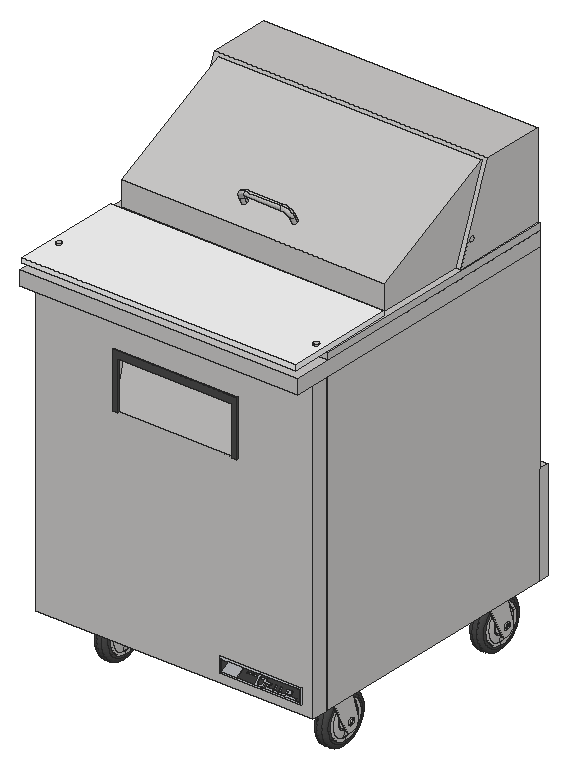
Revit family "QF_TRUE_TSSU-27-12M-C-HC", category Specialty Equipment, Revit 2016
Family settings
  Part Type = Normal
  Round Connector Dimension = Use Diameter
  Work Plane-Based = No
  Always vertical = Yes
  Cut with Voids When Loaded = No
  Shared = Yes
  Room Calculation Point = No
Parameters
  Weight in Pounds = 225
  Watts = FL Amps * Volts  # 402.5 W
  Volts = 115 V
  URL Cutsheet = "www.truemfg.com"
  URL = "www.truemfg.com"
  Type Mark [instance] = ""
  Status [instance] = ""
  Specification by User [instance] = ""
  Specification by Manufacturer = ""
  Show Logo [instance] = yes
  Show Standard Height Model [instance] = yes
  Show Clearance [instance] = yes
  Show Default Casters [instance] = not(Show Standard Height Model)  # no
  Serial Number = ""
  Seismic Rating = ""
  SMACNA No = ""
  Revision Code [instance] = ""
  Phase = 1
  Omniclass Number and Title = ""
  Number of Poles [instance] = 1
  NAFEM Spec ID Number = ""
  Model = "TSSU-27-12M-C-HC"
  Min Ckt Ampacity = 0 A
  Max Overcurrent Protection = 0 A
  MasterSpec. = ""
  Manufacturer = "TRUE"
  Standard Height Caster [instance] = and(Show Standard Height Model, not(Show Default Casters))  # yes
  Length = 27 9/16"
  Item Number [instance] = ""
  Installed By [instance] = ""
  Identify Quantity as Lot [instance] = yes
  Height = 44 7/32"
  HP = "1/5"
  Furnished By [instance] = ""
  Foodservice Equipment Identifier [instance] = yes
  FL Amps = 3.5 A
  Electrical Remarks = ""
  Electric Connection Type [instance] = ""
  Elec Conn RI Height [instance] = 0"
  Elec Conn Connection Height [instance] = 0"
  Description = "MEGA TOP SOLID DOOR SANDWICH/SALAD UNIT WITH HYDROCARBON REFRIGERANT"
  Depth = 31 1/16"
  Cycle = 60 Hz
  Conn Plug = "NEMA 5-15P"
  Conn Conduit = yes
  CSI MasterFormat = ""
  CSI Master Format = ""
  Base Height [instance] = if(Standard Height Caster, 6 3/16", 3 15/16")  # 6 3/16"
  Apparent Power = if(Phase = 3, Volts * FL Amps * 1.73, Volts * FL Amps)  # 402.5 VA
Reference planes (in)
  plane 1 "BACK": y = -16.5
  plane 2: z = 0
  plane 3 "LEFT": x = 0
  plane 4 "RIGHT": x = 27.5625
  plane 5 "FRONT": y = -47.5625
  plane 6 "TOP": z = 51.21875
  plane 7: z = 6.1875
Lines and regions (in)
  symbolic lines, style "SpecialityEquipmentHiddenLines", visible <- "Show Default Casters"
    curve 1: line (1.05276, -22.68104, 0) -> (2.13882, -23.30808, 0)
    curve 2: line (3.55276, -18.35092, 0) -> (1.05276, -22.68104, 0)
    curve 3: line (4.63882, -18.97795, 0) -> (3.55276, -18.35092, 0)
    curve 4: line (2.13882, -23.30808, 0) -> (4.63882, -18.97795, 0)
    curve 5: line (22.92776, -22.68104, 0) -> (24.01382, -23.30808, 0)
    curve 6: line (25.42776, -18.35092, 0) -> (22.92776, -22.68104, 0)
    curve 7: line (26.51382, -18.97795, 0) -> (25.42776, -18.35092, 0)
    curve 8: line (24.01382, -23.30808, 0) -> (26.51382, -18.97795, 0)
    curve 9: line (1.05276, -42.04409, 0) -> (2.13882, -42.67113, 0)
    curve 10: line (3.55276, -37.71397, 0) -> (1.05276, -42.04409, 0)
    curve 11: line (4.63882, -38.34101, 0) -> (3.55276, -37.71397, 0)
    curve 12: line (2.13882, -42.67113, 0) -> (4.63882, -38.34101, 0)
    curve 13: line (22.92776, -42.04409, 0) -> (24.01382, -42.67113, 0)
    curve 14: line (25.42776, -37.71397, 0) -> (22.92776, -42.04409, 0)
    curve 15: line (26.51382, -38.34101, 0) -> (25.42776, -37.71397, 0)
    curve 16: line (24.01382, -42.67113, 0) -> (26.51382, -38.34101, 0)
Dimensions and locks (in)
  "Length": plane 3 "LEFT" to plane 4 "RIGHT"
  plane 4 "RIGHT" to plane 3 "LEFT" = 27 9/16"
  plane 5 "FRONT" to plane 1 "BACK" = 31 1/16"
  "Depth": plane 5 "FRONT" to plane 1 "BACK"
  "Base Height": plane 7 to level
  nested 1 to level = 38 7/32"
  nested 1 to plane 7 = 40 9/32"
  nested 1 to level = 46 15/32"
  nested 1 to nested 1 to plane 4 "RIGHT" = 12 5/8", 7 5/16"
  nested 1 to plane 2 = 51 7/32"
  aligned and locked: level to plane 2
  aligned and locked: plane 3 "LEFT" to nested 1
  aligned and locked: plane 7 to nested 1
  aligned and locked: plane 5 "FRONT" to nested 1
Automatic sketch dimensions
  plane 3 "LEFT" to curve 1 = 1.05276"
  plane 3 "LEFT" to curve 10 = 1.05276"
  curve 1 to curve 1 = 1.08606"
  curve 9 to curve 9 = 1.08606"
  plane 3 "LEFT" to curve 3 = 3.55276"
  plane 3 "LEFT" to curve 10 = 3.55276"
  curve 13 to plane 4 "RIGHT" = 4.63474"
  curve 5 to plane 4 "RIGHT" = 4.63474"
  curve 13 to curve 13 = 1.08606"
  curve 5 to curve 8 = 1.08606"
  curve 7 to plane 4 "RIGHT" = 2.13474"
  curve 14 to plane 4 "RIGHT" = 2.13474"
  curve 16 to plane 5 "FRONT" = 4.89137"
  curve 12 to plane 5 "FRONT" = 4.89137"
  curve 13 to curve 13 = 0.62704"
  curve 9 to curve 10 = 0.62704"
  plane 1 "BACK" to curve 4 = 6.80808"
  plane 1 "BACK" to curve 8 = 6.80808"
  curve 5 to curve 6 = 0.62704"
  curve 1 to curve 1 = 0.62704"
Nested families (in)
  nested 1: "TSSU-27-12M-C-ADA-HC" at (0, 0, 0), Show Logo <- "Show Logo", Show Clearance <- "Show Clearance", Show Casters <- "Show Default Casters", type "TSSU-27-12M-C-ADA-HC"
    with Show Logo yes, Show Clearance yes, Show Casters no
  nested 2: "TRUE_CASTERS" at (2.88882, -20.75, 0), Show Casters <- "Standard Height Caster", type "TRUE_CASTERS"
    with Type Mark "", Status "", Specification by User "", Show Casters yes, Revision Code "", Item Number "", Installed By "", Identify Quantity as Lot yes, Furnished By "", Foodservice Equipment Identifier yes
  nested 3: "TRUE_CASTERS" at (24.76382, -20.75, 0), Show Casters <- "Standard Height Caster", type "TRUE_CASTERS"
    with Type Mark "", Status "", Specification by User "", Show Casters yes, Revision Code "", Item Number "", Installed By "", Identify Quantity as Lot yes, Furnished By "", Foodservice Equipment Identifier yes
  nested 4: "TRUE_CASTERS" at (2.88882, -40.08307, 0), Show Casters <- "Standard Height Caster", type "TRUE_CASTERS"
    with Type Mark "", Status "", Specification by User "", Show Casters yes, Revision Code "", Item Number "", Installed By "", Identify Quantity as Lot yes, Furnished By "", Foodservice Equipment Identifier yes
  nested 5: "TRUE_CASTERS" at (24.76382, -40.08307, 0), Show Casters <- "Standard Height Caster", type "TRUE_CASTERS"
    with Type Mark "", Status "", Specification by User "", Show Casters yes, Revision Code "", Item Number "", Installed By "", Identify Quantity as Lot yes, Furnished By "", Foodservice Equipment Identifier yes
Connectors (in)
  electrical at (24.12821, -16.5, 12), driven by "Volts", driven by "Apparent Power"
    settings: on nested 1, index 1, voltage 115 V, apparent load 402.5 VA, apparent load phase1 0 VA, apparent load phase2 0 VA, apparent load phase3 0 VA, power factor 1, load classification "Other", number of poles 1, system type 30, power factor state 1, is connector primary yes, connector utility no, sub classification motor no, connector description "ELECTRICAL CONNECTION"
Definition of nested family "TSSU-27-12M-C-ADA-HC"
  Parameters (values of type "TSSU-27-12M-C-ADA-HC")
    URL = ""
    Show Logo [instance] = yes
    Show Clearance [instance] = yes
    Show Casters [instance] = yes
    Model = ""
    Manufacturer = ""
    Description = ""
    Assembly Code = ""
  Reference planes (in)
    plane 1 "BACK": y = -16.5
    plane 2: z = 0
    plane 3 "LEFT": x = 0
    plane 4 "RIGHT": x = 27.5625
    plane 5 "FRONT": y = -47.5625
    plane 6 "TOP": z = 44.21875
    plane 7: z = 6.1875
    plane 8: z = 38.21875
    plane 9: z = 46.46875
    plane 10: z = 2.25
    plane 11: z = 51.21875
    plane 12: z = 35.9375
  Forms (in)
    Extrusion 1, solid
      sketch origin (0, -1, 0) x (0, 1, 0) y (0, 0, 1)
        loop
          line (-42.75, 6.1875) -> (-16.5, 6.1875) -> (-16.5, 38.03125) -> (-42.75, 38.03125) -> (-42.75, 6.1875)
      from 0 to 27.5625
    Extrusion 2, solid
      sketch origin (0, -12.63, 0) x (1, 0, 0) y (0, 0, 1)
        loop
          line (27.5625, 6.1875) -> (27.5625, 35.9375) -> (0, 35.9375) -> (0, 6.1875) -> (27.5625, 6.1875)
        loop
          line (7.75, 26.77927) -> (20.125, 26.77927) -> (20.125, 32.27927) -> (7.75, 32.27927) -> (7.75, 26.77927)
      from 31.44201 to 33
    Extrusion 3, solid
      sketch origin (0, 3.62, 0) x (0, 1, 0) y (0, 0, 1)
        loop
          line (-47.69201, 33.8406) -> (-47.69201, 6.82675) -> (-47.37, 6.82675) -> (-47.37, 33.8406) -> (-47.69201, 33.8406)
      from 0.5 to 27.0625
    Extrusion 4, solid
      sketch origin (0, -16.5, 0) x (1, 0, 0) y (0, 0, 1)
        loop
          line (7.625, 6.1875) -> (7.625, 3.875) -> (20.25, 3.875) -> (20.25, 6.1875) -> (7.625, 6.1875)
      from 1.69409 to 21.69409
    Extrusion 5, solid
      sketch origin (27.5625, -16.5, 6.1875) x (0, 0, 1) y (1, 0, 0)
        loop
          circle (5.8125, -3.43429) r 0.25
      from 0 to 0.0625
    Extrusion 6, solid, visible <- "Show Casters"
      sketch origin (26.71875, -38.80219, 3.43891) x (0, 1, 0) y (0, 0, -1)
        loop
          line (-3.9827, -2.11074) -> (-0.54355, -2.11074) -> (-0.40562, -0.59493)
          arc (-0.40562, -0.59493) -> (-0.89059, 0.21892) -> (-1.83792, 0.20773) r 0.94903
          line (-1.83792, 0.20773) -> (-3.55154, -1.50589) -> (-3.9827, -1.50589) -> (-3.9827, -2.11074)
      from 1.175 to 1.325
    Revolve 7, solid, visible <- "Show Casters"
      sketch origin (26.71875, -41.06531, 2.93891) x (-1, 0, 0) y (0, 0, -1)
        loop
          line (2, -2.61074) -> (0.60918, -2.61074) -> (0.60918, -3.24859) -> (2, -3.24859) -> (2, -2.61074)
        axis (2, -2.61074) -> (2, -3.24859)
      angle from 0 to 360
    Extrusion 8, solid, visible <- "Show Casters"
      sketch origin (74.5, -38.80219, 3.43891) x (0, 1, 0) y (0, 0, -1)
        loop
          line (-3.9827, -2.11074) -> (-0.54355, -2.11074) -> (-0.53736, -1.88288) -> (-3.6077, -1.50589) -> (-3.9827, -1.50589) -> (-3.9827, -2.11074)
      from 49.10625 to 50.45625
    Revolve 9, solid, visible <- "Show Casters"
      sketch origin (26.71875, -40.15399, 4.5) x (-1, 0, 0) y (0, 0, -1)
        loop
          line (1.475, -0.75) -> (2.525, -0.75) -> (2.62908, -0.64592) -> (2.62908, -0.04941) -> (2.46399, -0.04941) -> (2.46399, 0.57559) -> (3.025, 0.57559) -> (3.025, 0.75) -> (0.975, 0.75) -> (0.975, 0.57559) -> (1.53601, 0.57559) -> (1.53601, -0.04941) -> (1.375, -0.04941) -> (1.375, -0.65) -> (1.475, -0.75)
        axis (3.025, 0.75) -> (0.975, 0.75)
      angle from 0 to 360
    Extrusion 10, solid, visible <- "Show Casters"
      sketch origin (22.71875, -38.80219, 3.43891) x (0, 1, 0) y (0, 0, 1)
        loop
          line (-3.9827, 1.50589) -> (-3.55154, 1.50589) -> (-1.83792, -0.20773)
          arc (-1.83792, -0.20773) -> (-0.89059, -0.21892) -> (-0.40562, 0.59493) r 0.94903
          line (-0.40562, 0.59493) -> (-0.54355, 2.11074) -> (-3.9827, 2.11074) -> (-3.9827, 1.50589)
      from 1.175 to 1.325
    Revolve 11, solid, visible <- "Show Casters"
      sketch origin (26.71875, -21.74082, 2.93891) x (-1, 0, 0) y (0, 0, -1)
        loop
          line (2, -2.61074) -> (0.60918, -2.61074) -> (0.60918, -3.24859) -> (2, -3.24859) -> (2, -2.61074)
        axis (2, -2.61074) -> (2, -3.24859)
      angle from 0 to 360
    Extrusion 12, solid, visible <- "Show Casters"
      sketch origin (74.5, -19.47769, 3.43891) x (0, 1, 0) y (0, 0, -1)
        loop
          line (-3.9827, -2.11074) -> (-0.54355, -2.11074) -> (-0.53736, -1.88288) -> (-3.6077, -1.50589) -> (-3.9827, -1.50589) -> (-3.9827, -2.11074)
      from 49.10625 to 50.45625
    Revolve 13, solid, visible <- "Show Casters"
      sketch origin (26.71875, -20.8295, 4.5) x (-1, 0, 0) y (0, 0, -1)
        loop
          line (1.475, -0.75) -> (2.525, -0.75) -> (2.62908, -0.64592) -> (2.62908, -0.04941) -> (2.46399, -0.04941) -> (2.46399, 0.57559) -> (3.025, 0.57559) -> (3.025, 0.75) -> (0.975, 0.75) -> (0.975, 0.57559) -> (1.53601, 0.57559) -> (1.53601, -0.04941) -> (1.375, -0.04941) -> (1.375, -0.65) -> (1.475, -0.75)
        axis (3.025, 0.75) -> (0.975, 0.75)
      angle from 0 to 360
    Extrusion 14, solid, visible <- "Show Casters"
      sketch origin (0.84375, -38.80219, 3.43891) x (0, 1, 0) y (0, 0, 1)
        loop
          line (-3.9827, 2.11074) -> (-3.9827, 1.50589) -> (-3.55154, 1.50589) -> (-1.83792, -0.20773)
          arc (-1.83792, -0.20773) -> (-0.89059, -0.21892) -> (-0.40562, 0.59493) r 0.94903
          line (-0.40562, 0.59493) -> (-0.54355, 2.11074) -> (-3.9827, 2.11074)
      from 1.175 to 1.325
    Revolve 15, solid, visible <- "Show Casters"
      sketch origin (0.84375, -41.06531, 2.93891) x (1, 0, 0) y (0, 0, 1)
        loop
          line (2, 2.61074) -> (2, 3.24859) -> (0.60918, 3.24859) -> (0.60918, 2.61074) -> (2, 2.61074)
        axis (2, 2.61074) -> (2, 3.24859)
      angle from 0 to 360
    Extrusion 16, solid, visible <- "Show Casters"
      sketch origin (-46.9375, -38.80219, 3.43891) x (0, 1, 0) y (0, 0, 1)
        loop
          line (-3.9827, 2.11074) -> (-3.9827, 1.50589) -> (-3.6077, 1.50589) -> (-0.53736, 1.88288) -> (-0.54355, 2.11074) -> (-3.9827, 2.11074)
      from 49.10625 to 50.45625
    Revolve 17, solid, visible <- "Show Casters"
      sketch origin (0.84375, -40.15399, 4.5) x (1, 0, 0) y (0, 0, 1)
        loop
          line (1.475, 0.75) -> (1.375, 0.65) -> (1.375, 0.04941) -> (1.53601, 0.04941) -> (1.53601, -0.57559) -> (0.975, -0.57559) -> (0.975, -0.75) -> (3.025, -0.75) -> (3.025, -0.57559) -> (2.46399, -0.57559) -> (2.46399, 0.04941) -> (2.62908, 0.04941) -> (2.62908, 0.64592) -> (2.525, 0.75) -> (1.475, 0.75)
        axis (3.025, -0.75) -> (0.975, -0.75)
      angle from 0 to 360
    Extrusion 18, solid, visible <- "Show Casters"
      sketch origin (4.84375, -38.80219, 3.43891) x (0, 1, 0) y (0, 0, -1)
        loop
          line (-3.9827, -1.50589) -> (-3.9827, -2.11074) -> (-0.54355, -2.11074) -> (-0.40562, -0.59493)
          arc (-0.40562, -0.59493) -> (-0.89059, 0.21892) -> (-1.83792, 0.20773) r 0.94903
          line (-1.83792, 0.20773) -> (-3.55154, -1.50589) -> (-3.9827, -1.50589)
      from 1.175 to 1.325
    Revolve 19, solid, visible <- "Show Casters"
      sketch origin (0.84375, -21.74082, 2.93891) x (1, 0, 0) y (0, 0, 1)
        loop
          line (2, 2.61074) -> (2, 3.24859) -> (0.60918, 3.24859) -> (0.60918, 2.61074) -> (2, 2.61074)
        axis (2, 2.61074) -> (2, 3.24859)
      angle from 0 to 360
    Extrusion 20, solid, visible <- "Show Casters"
      sketch origin (-46.9375, -19.47769, 3.43891) x (0, 1, 0) y (0, 0, 1)
        loop
          line (-3.9827, 2.11074) -> (-3.9827, 1.50589) -> (-3.6077, 1.50589) -> (-0.53736, 1.88288) -> (-0.54355, 2.11074) -> (-3.9827, 2.11074)
      from 49.10625 to 50.45625
    Revolve 21, solid, visible <- "Show Casters"
      sketch origin (0.84375, -20.8295, 4.5) x (1, 0, 0) y (0, 0, 1)
        loop
          line (1.475, 0.75) -> (1.375, 0.65) -> (1.375, 0.04941) -> (1.53601, 0.04941) -> (1.53601, -0.57559) -> (0.975, -0.57559) -> (0.975, -0.75) -> (3.025, -0.75) -> (3.025, -0.57559) -> (2.46399, -0.57559) -> (2.46399, 0.04941) -> (2.62908, 0.04941) -> (2.62908, 0.64592) -> (2.525, 0.75) -> (1.475, 0.75)
        axis (3.025, -0.75) -> (0.975, -0.75)
      angle from 0 to 360
    Extrusion 22, solid, visible <- "Show Casters"
      sketch origin (26.71875, -19.47769, 3.43891) x (0, 1, 0) y (0, 0, -1)
        loop
          line (-3.9827, -2.11074) -> (-0.54355, -2.11074) -> (-0.40562, -0.59493)
          arc (-0.40562, -0.59493) -> (-0.89059, 0.21892) -> (-1.83792, 0.20773) r 0.94903
          line (-1.83792, 0.20773) -> (-3.55154, -1.50589) -> (-3.9827, -1.50589) -> (-3.9827, -2.11074)
      from 1.175 to 1.325
    Extrusion 23, solid, visible <- "Show Casters"
      sketch origin (22.71875, -19.47769, 3.43891) x (0, 1, 0) y (0, 0, 1)
        loop
          line (-3.9827, 1.50589) -> (-3.55154, 1.50589) -> (-1.83792, -0.20773)
          arc (-1.83792, -0.20773) -> (-0.89059, -0.21892) -> (-0.40562, 0.59493) r 0.94903
          line (-0.40562, 0.59493) -> (-0.54355, 2.11074) -> (-3.9827, 2.11074) -> (-3.9827, 1.50589)
      from 1.175 to 1.325
    Extrusion 24, solid, visible <- "Show Casters"
      sketch origin (0.84375, -19.47769, 3.43891) x (0, 1, 0) y (0, 0, 1)
        loop
          line (-3.9827, 2.11074) -> (-3.9827, 1.50589) -> (-3.55154, 1.50589) -> (-1.83792, -0.20773)
          arc (-1.83792, -0.20773) -> (-0.89059, -0.21892) -> (-0.40562, 0.59493) r 0.94903
          line (-0.40562, 0.59493) -> (-0.54355, 2.11074) -> (-3.9827, 2.11074)
      from 1.175 to 1.325
    Extrusion 25, solid, visible <- "Show Casters"
      sketch origin (4.84375, -19.47769, 3.43891) x (0, 1, 0) y (0, 0, -1)
        loop
          line (-3.9827, -1.50589) -> (-3.9827, -2.11074) -> (-0.54355, -2.11074) -> (-0.40562, -0.59493)
          arc (-0.40562, -0.59493) -> (-0.89059, 0.21892) -> (-1.83792, 0.20773) r 0.94903
          line (-1.83792, 0.20773) -> (-3.55154, -1.50589) -> (-3.9827, -1.50589)
      from 1.175 to 1.325
    Extrusion 26, solid, visible <- "Show Clearance", detail levels coarse
      sketch origin (0, 1.9325, 0) x (1, 0, 0) y (0, 1, 0)
        loop
          arc (0, -47.5625) -> (8.07287, -67.05213) -> (27.5625, -75.125) r 27.5625
          line (27.5625, -75.125) -> (27.5625, -47.5625) -> (0, -47.5625)
      from 6.1875 to 35.9375
    Extrusion 27, solid
      sketch origin (0.125, -1, 3.53125) x (0, 1, 0) y (0, 0, 1)
        loop
          line (-16.5, 34.5) -> (-16.5, 42.9375) -> (-22.625, 42.9375) -> (-26.06294, 34.5) -> (-16.5, 34.5)
      from 0.0625 to 27.25
    Extrusion 28, solid
      sketch origin (0, 0.75, 3.72371) x (0, 1, 0) y (0, 0, 1)
        loop
          line (-36.5625, 36.73418) -> (-36.5625, 34.30754) -> (-27.81294, 34.30754) -> (-24.49688, 42.44592) -> (-36.5625, 36.73418)
      from 0.6875 to 26.875
    Extrusion 29, solid
      sketch origin (0, -1, 3.53125) x (0, 1, 0) y (0, 0, 1)
        loop
          line (-46.5625, 33.84375) -> (-46.5625, 32.40625) -> (-16.5, 32.40625) -> (-16.5, 33.84375) -> (-46.5625, 33.84375)
      from 0 to 27.5625
    Extrusion 30, solid
      sketch origin (0, 3.53125, 3.46875) x (0, 1, 0) y (0, 0, 1)
        loop
          line (-51.09375, 35.0625) -> (-51.09375, 34.5625) -> (-40.09375, 34.5625) -> (-40.09375, 35.0625) -> (-51.09375, 35.0625)
      from 0.1875 to 27.375
    Sweep 31, solid
      path origin (-2.36051, -16.90311, 9.52642) x (1, 0, 0) y (0, -0.468684, 0.883366)
        loop
          line (18.42574, 36.0969) -> (18.42574, 36.8469)
          arc (18.42574, 36.8469) -> (18.29892, 37.15309) -> (17.99273, 37.27992) r 0.43301
          line (17.99273, 37.27992) -> (14.37051, 37.27992)
          arc (14.37051, 37.27992) -> (14.06433, 37.15309) -> (13.9375, 36.8469) r 0.43301
          line (13.9375, 36.8469) -> (13.9375, 36.0969)
      profile origin (11.57699, -33.99691, 41.74446) x (1, 0, 0) y (0, -0.883366, -0.468684)
        loop
          circle (-0.25, 0) r 0.25
    Extrusion 32, solid
      sketch origin (0, 3.53125, 38.53125) x (1, 0, 0) y (0, 1, 0)
        loop
          circle (1, -47.5255) r 0.25
        loop
          circle (26.5625, -47.5255) r 0.25
      from 0 to 0.0625
    Extrusion 33, solid
      sketch origin (0.125, 0.03571, 3.15061) x (0, 1, 0) y (0, 0, 1)
        loop
          line (-25.50049, 37.00145) -> (-25.62469, 37.21657) -> (-25.87491, 37.21657) -> (-25.99919, 37.00131) -> (-25.87265, 36.78214) -> (-25.62711, 36.78214) -> (-25.50049, 37.00145)
      from 0 to 0.0625
    Extrusion 34, solid
      sketch origin (27.4375, 0.03571, 3.15061) x (0, 1, 0) y (0, 0, -1)
        loop
          line (-25.50049, -37.00145) -> (-25.62711, -36.78214) -> (-25.87265, -36.78214) -> (-25.99919, -37.00131) -> (-25.87491, -37.21657) -> (-25.62469, -37.21657) -> (-25.50049, -37.00145)
      from 0 to 0.0625
    Extrusion 35, solid
      sketch origin (-1.11296, -16.5, -6.30677) x (1, 0, 0) y (0, 0, 1)
        loop
          circle (22.96499, 40.7598) r 0.46875
      from 0 to 1
    Extrusion 36, solid
      sketch origin (28.67546, -16.5, -6.30677) x (-1, 0, 0) y (0, 0, -1)
        loop
          circle (22.96499, -40.7598) r 0.46875
      from 0 to 1
    Extrusion 37, solid, visible <- "Show Clearance", detail levels coarse
      sketch origin (31.53125, 0.75, 3.72371) x (0, 1, 0) y (0, 0, 1)
        loop
          line (-24.49688, 42.44592) -> (-30.73203, 47.49504)
          arc (-30.73203, 47.49504) -> (-35.09105, 42.89689) -> (-36.5625, 36.73418) r 12.22343
          line (-36.5625, 36.73418) -> (-24.49688, 42.44592)
      from -4.65625 to -30.84375
    Extrusion 38, solid
      sketch origin (27.5625, 0, 0) x (0, 1, 0) y (0, 0, 1)
        loop
          line (-17.5, 6.1875) -> (-16.5, 6.1875) -> (-16.5, 16.1875) -> (-17.5, 16.1875) -> (-17.5, 6.1875)
      from 0 to -27.5625
    Extrusion 39, solid
      sketch origin (0, 3.87, 0.21677) x (0, 1, 0) y (0, 0, 1)
        loop
          line (-47.94201, 32.0625) -> (-49.5, 26.5625) -> (-47.94201, 26.5625) -> (-47.94201, 32.0625)
      from 7.75 to 20.125
    Extrusion 40, solid
      sketch origin (0, -45.63, 0.21677) x (1, 0, 0) y (0, 0, 1)
        loop
          line (20.125, 32.0625) -> (7.75, 32.0625) -> (7.75, 26.5625) -> (8.25, 26.5625) -> (8.25, 31.3125) -> (19.625, 31.3125) -> (19.625, 26.5625) -> (20.125, 26.5625) -> (20.125, 32.0625)
      from 0 to 0.125
  Lines and regions (in)
    symbolic lines
      curve 1: line (0, -17.5, 0) -> (27.5625, -17.5, 0)
      curve 2: line (0, -47.5625, 0) -> (0, -17.5, 0)
      curve 3: line (27.5625, -47.5625, 0) -> (0, -47.5625, 0)
      curve 4: line (27.5625, -17.5, 0) -> (27.5625, -47.5625, 0)
      curve 5: line (27.375, -36.5625, 0) -> (0.1875, -36.5625, 0)
      curve 6: line (0.1875, -36.5625, 0) -> (0.1875, -47.5625, 0)
      curve 7: line (27.375, -47.5625, 0) -> (27.375, -36.5625, 0)
      curve 8: circle (26.5625, -43.99425, 0) r 0.25 normal (0, 0, 1)
      curve 9: circle (1, -43.99425, 0) r 0.25 normal (0, 0, 1)
      curve 10: line (0.6875, -23.74688, 0) -> (26.875, -23.74688, 0)
      curve 11: line (0.6875, -35.8125, 0) -> (0.6875, -23.74688, 0)
      curve 12: line (26.875, -35.8125, 0) -> (0.6875, -35.8125, 0)
      curve 13: line (26.875, -23.74688, 0) -> (26.875, -35.8125, 0)
      curve 14: line (0.1875, -23.625, 0) -> (27.375, -23.625, 0)
      curve 15: line (0.1875, -17.5, 0) -> (0.1875, -28.22721, 0)
      curve 16: line (27.375, -28.22721, 0) -> (26.875, -28.22721, 0)
      curve 17: line (0.125, -27.21478, 0) -> (0.125, -27.71347, 0)
      curve 18: line (0.125, -27.71347, 0) -> (0.1875, -27.71347, 0)
      curve 19: line (0.125, -27.21478, 0) -> (0.1875, -27.21478, 0)
      curve 20: line (0.6875, -28.22721, 0) -> (0.1875, -28.22721, 0)
      curve 21: line (27.375, -28.22721, 0) -> (27.375, -17.5, 0)
      curve 22: line (6.17922, -16.5, 0) -> (5.24172, -16.5, 0)
      curve 23: line (6.17922, -16.5, 0) -> (6.17922, -17.5, 0)
      curve 24: line (5.24172, -16.5, 0) -> (5.24172, -17.5, 0)
      curve 25: line (21.38328, -16.5, 0) -> (22.32078, -16.5, 0)
      curve 26: line (21.38328, -16.5, 0) -> (21.38328, -17.5, 0)
      curve 27: line (22.32078, -16.5, 0) -> (22.32078, -17.5, 0)
      curve 28: line (27.4375, -27.21478, 0) -> (27.4375, -27.71347, 0)
      curve 29: line (27.4375, -27.71347, 0) -> (27.375, -27.71347, 0)
      curve 30: line (27.4375, -27.21478, 0) -> (27.375, -27.21478, 0)
      curve 31: spline (11.07699, -33.92667, 0) -> (11.08551, -33.86951, 0) -> (11.11048, -33.81625, 0) -> (11.15021, -33.77051, 0) -> (11.20199, -33.73542, 0) -> (11.26229, -33.71336, 0) -> (11.32699, -33.70583, 0) -> (11.3917, -33.71336, 0) -> (11.45199, -33.73542, 0) -> (11.50377, -33.77051, 0) -> (11.5435, -33.81625, 0) -> (11.56847, -33.86951, 0) -> (11.57699, -33.92667, 0)
      curve 32: line (11.57699, -33.92667, 0) -> (11.57699, -34.24357, 0)
      curve 33: line (11.07699, -33.92667, 0) -> (11.07699, -34.28794, 0)
      curve 34: arc (11.07699, -34.28794, 0) -> (11.1664, -34.53287, 0) -> (11.36357, -34.70349, 0) r 0.51936
      curve 35: arc (11.36357, -34.70349, 0) -> (11.64015, -34.80507, 0) -> (11.93204, -34.84523, 0) r 1.37153
      curve 36: line (11.93204, -34.84523, 0) -> (15.71329, -34.84523, 0)
      curve 37: arc (11.57699, -34.24357, 0) -> (11.76649, -34.3248, 0) -> (11.97122, -34.3492, 0) r 0.72246
      curve 38: line (11.97122, -34.3492, 0) -> (15.6741, -34.3492, 0)
      curve 39: spline (16.56833, -33.92667, 0) -> (16.55981, -33.86951, 0) -> (16.53484, -33.81625, 0) -> (16.49511, -33.77051, 0) -> (16.44333, -33.73542, 0) -> (16.38304, -33.71336, 0) -> (16.31833, -33.70583, 0) -> (16.25363, -33.71336, 0) -> (16.19333, -33.73542, 0) -> (16.14155, -33.77051, 0) -> (16.10183, -33.81625, 0) -> (16.07685, -33.86951, 0) -> (16.06833, -33.92667, 0)
      curve 40: line (16.06833, -33.92667, 0) -> (16.06833, -34.24357, 0)
      curve 41: line (16.56833, -33.92667, 0) -> (16.56833, -34.28794, 0)
      curve 42: arc (16.56833, -34.28794, 0) -> (16.47892, -34.53287, 0) -> (16.28176, -34.70349, 0) r 0.51936
      curve 43: arc (16.28176, -34.70349, 0) -> (16.00518, -34.80507, 0) -> (15.71329, -34.84523, 0) r 1.37153
      curve 44: arc (16.06833, -34.24357, 0) -> (15.87883, -34.3248, 0) -> (15.6741, -34.3492, 0) r 0.72246
    symbolic lines, detail levels coarse
      curve 45: line (4.57352, -60.8352, 0) -> (24.64072, -47.5625, 0)
      curve 46: arc (0.06783, -47.5625, 0) -> (1.46287, -54.49005, 0) -> (4.57352, -60.8352, 0) r 27.5625
  Dimensions and locks (in)
    plane 3 "LEFT" to plane 4 "RIGHT" = 27 9/16"
    plane 4 "RIGHT" to plane 3 "LEFT" = 27 9/16"
    plane 6 "TOP" to level = 44 7/32"
    plane 5 "FRONT" to plane 1 "BACK" = 31 1/16"  (x2)
    plane 7 to level = 6 3/16"
    plane 6 "TOP" to plane 7 = 38 1/32"
    plane 7 to Extrusion 4 = 2 5/16"
    Extrusion 4 to Extrusion 4 to plane 4 "RIGHT" = 12 5/8", 7 5/16"
    plane 9 to plane 7 = 40 9/32"
    plane 9 to plane 12 = 10 17/32"
    aligned and locked: level to plane 2
    aligned and locked: Extrusion 4 to Extrusion 2
    aligned and locked: Extrusion 6 to Extrusion 10 sketch curve
    aligned and locked: Extrusion 10 sketch curve to Extrusion 6  (x2)
    aligned and locked: Extrusion 8 sketch curve to Extrusion 6
    aligned and locked: Extrusion 14 to Extrusion 18 sketch curve
    aligned and locked: Extrusion 18 sketch curve to Extrusion 14  (x2)
    aligned and locked: Extrusion 16 sketch curve to Extrusion 14
    aligned and locked: Extrusion 22 to Extrusion 23 sketch curve
    aligned and locked: Extrusion 23 sketch curve to Extrusion 22  (x2)
    aligned and locked: Extrusion 24 to Extrusion 25 sketch curve
    aligned and locked: Extrusion 25 sketch curve to Extrusion 24  (x2)
  Nested families (in)
    nested 1: "QF_LOGO_TRUE" at (18.3125, -45.63, 7.07675), visible <- "Show Logo", type "QF_LOGO_TRUE", detail levels medium+fine
      with Show Logo yes
  Definition of nested family "QF_LOGO_TRUE"
    Parameters (values of type "QF_LOGO_TRUE")
      Show Logo [instance] = yes
    Reference planes (in)
      plane 1 "Center (Front/Back)": y = 0
      plane 2: z = 0
      plane 3 "Center (Left/Right)": x = 0
    Forms (in)
      Extrusion 1, solid, visible <- "Show Logo"
        sketch origin (-78.34647, 34.76905, -30.51001) x (1, 0, 0) y (0, 0, 1)
          loop
            line (81.15226, 31.65456) -> (81.07353, 31.48573) -> (82.12083, 31.48573)
            arc (82.12083, 31.48573) -> (82.14208, 31.44814) -> (82.12083, 31.41055) r 0.04386
            line (82.12083, 31.41055) -> (81.84767, 30.82478)
            arc (81.84767, 30.82478) -> (81.84531, 30.77052) -> (81.882, 30.73048) r 0.07096
            line (81.882, 30.73048) -> (82.55165, 30.73048)
            arc (82.55165, 30.73048) -> (82.63621, 30.75714) -> (82.69019, 30.82748) r 0.14742
            line (82.69019, 30.82748) -> (82.90515, 31.28847) -> (83.10265, 31.28847)
            arc (83.10265, 31.28847) -> (83.15447, 31.26942) -> (83.14697, 31.21472) r 0.04405
            line (83.14697, 31.21472) -> (82.9671, 30.82899)
            arc (82.9671, 30.82899) -> (82.9699, 30.76493) -> (83.02398, 30.73048) r 0.06943
            line (83.02398, 30.73048) -> (83.6124, 30.73048)
            arc (83.6124, 30.73048) -> (83.65748, 30.74689) -> (83.68147, 30.78844) r 0.07014
            arc (83.68147, 30.78844) -> (83.69845, 30.74745) -> (83.73943, 30.73048) r 0.05796
            line (83.73943, 30.73048) -> (84.112, 30.73048)
            arc (84.112, 30.73048) -> (84.15504, 30.74201) -> (84.18655, 30.77352) r 0.08608
            arc (84.18655, 30.77352) -> (84.20164, 30.7371) -> (84.23806, 30.72202) r 0.0515
            line (84.23806, 30.72202) -> (84.76757, 30.72202)
            arc (84.76757, 30.72202) -> (84.81086, 30.73995) -> (84.8288, 30.78324) r 0.06122
            arc (84.8288, 30.78324) -> (84.86848, 30.74355) -> (84.92269, 30.72903) r 0.10842
            line (84.92269, 30.72903) -> (85.91461, 30.72903) -> (86.02479, 30.91987) -> (85.0243, 30.91987)
            arc (85.0243, 30.91987) -> (84.99669, 30.93902) -> (84.99566, 30.97261) r 0.03732
            line (84.99566, 30.97261) -> (85.01297, 31.00972)
            arc (85.01297, 31.00972) -> (85.03954, 31.04453) -> (85.0813, 31.05774) r 0.07263
            line (85.0813, 31.05774) -> (85.40289, 31.05774)
            arc (85.40289, 31.05774) -> (85.4723, 31.07633) -> (85.52311, 31.12715) r 0.13882
            line (85.52311, 31.12715) -> (85.61625, 31.28847)
            arc (85.61625, 31.28847) -> (85.61625, 31.37458) -> (85.54168, 31.41763) r 0.08611
            line (85.54168, 31.41763) -> (85.20227, 31.41763)
            arc (85.20227, 31.41763) -> (85.11574, 31.40294) -> (85.05538, 31.33923) r 0.13863
            line (85.05538, 31.33923) -> (84.89409, 30.99333)
            arc (84.89409, 30.99333) -> (84.84649, 30.9313) -> (84.77191, 30.90778) r 0.13002
            line (84.77191, 30.90778) -> (84.41984, 30.90778)
            arc (84.41984, 30.90778) -> (84.3777, 30.95378) -> (84.38042, 31.0161) r 0.08151
            line (84.38042, 31.0161) -> (84.56766, 31.41763) -> (84.44849, 31.41763) -> (84.25012, 30.99222)
            arc (84.25012, 30.99222) -> (84.21158, 30.94199) -> (84.15119, 30.92296) r 0.10527
            line (84.15119, 30.92296) -> (83.90842, 30.92296)
            arc (83.90842, 30.92296) -> (83.8674, 30.97642) -> (83.87619, 31.04323) r 0.08805
            line (83.87619, 31.04323) -> (84.05078, 31.41763) -> (83.92772, 31.41763) -> (83.72676, 30.98668)
            arc (83.72676, 30.98668) -> (83.68011, 30.94003) -> (83.61639, 30.92296) r 0.12745
            line (83.61639, 30.92296) -> (83.26484, 30.92296)
            arc (83.26484, 30.92296) -> (83.2017, 30.9524) -> (83.19563, 31.0218) r 0.06967
            line (83.19563, 31.0218) -> (83.31118, 31.26961) -> (83.47452, 31.26961)
            arc (83.47452, 31.26961) -> (83.50209, 31.35268) -> (83.56075, 31.41763) r 0.21289
            line (83.56075, 31.41763) -> (82.92244, 31.41763)
            arc (82.92244, 31.41763) -> (82.85151, 31.40191) -> (82.80242, 31.34834) r 0.12081
            line (82.80242, 31.34834) -> (82.6294, 30.9773)
            arc (82.6294, 30.9773) -> (82.58962, 30.93752) -> (82.53528, 30.92296) r 0.10869
            line (82.53528, 30.92296) -> (82.1542, 30.92296)
            arc (82.1542, 30.92296) -> (82.12446, 30.96315) -> (82.13012, 31.01283) r 0.06822
            line (82.13012, 31.01283) -> (82.38156, 31.48573) -> (83.01596, 31.48573) -> (83.09469, 31.65456) -> (82.46029, 31.65456) -> (82.53902, 31.8234) -> (82.31334, 31.8234) -> (82.23461, 31.65456) -> (81.15226, 31.65456)
          loop
            arc (85.15937, 31.26434) -> (85.13191, 31.25698) -> (85.1118, 31.23688) r 0.05494
            line (85.1118, 31.23688) -> (85.09547, 31.18665)
            arc (85.09547, 31.18665) -> (85.10304, 31.16837) -> (85.12133, 31.16079) r 0.02586
            line (85.12133, 31.16079) -> (85.39889, 31.16079)
            arc (85.39889, 31.16079) -> (85.41888, 31.16523) -> (85.43513, 31.1777) r 0.04731
            line (85.43513, 31.1777) -> (85.44863, 31.2402)
            arc (85.44863, 31.2402) -> (85.44466, 31.25693) -> (85.42914, 31.26434) r 0.01994
            line (85.42914, 31.26434) -> (85.15937, 31.26434)
          loop
            line (78.62961, 30.74125) -> (80.12032, 30.74125) -> (80.73891, 31.81268) -> (79.2482, 31.81268) -> (78.62961, 30.74125)
        from 34.76797 to 34.83173
      Extrusion 2, solid, visible <- "Show Logo"
        sketch origin (-142.84857, 34.75108, -33.3546) x (1, 0, 0) y (0, 0, 1)
          loop
            line (150.81107, 34.71978) -> (142.98607, 34.71978) -> (142.98607, 33.4921) -> (150.81107, 33.4921) -> (150.81107, 34.71978)
        from 34.75108 to 34.78125
      Extrusion 3, solid, visible <- "Show Logo"
        sketch origin (-142.84857, 34.75108, -33.3546) x (1, 0, 0) y (0, 0, 1)
          loop
            line (150.94857, 34.85727) -> (142.84857, 34.85727) -> (142.84857, 33.3546) -> (150.94857, 33.3546) -> (150.94857, 34.85727)
          loop
            line (142.98607, 34.71978) -> (142.98607, 33.4921) -> (150.81107, 33.4921) -> (150.81107, 34.71978) -> (142.98607, 34.71978)
        from 34.75108 to 34.81376
      Extrusion 4, solid, not visible
        sketch origin (121.45701, -16.5, 4.98235) x (1, 0, 0) y (0, 0, 1)
          loop
            line (25.20115, 35.89949) -> (25.20115, 33.96647) -> (30.95381, 33.96647) -> (30.95381, 35.89949) -> (25.20115, 35.89949)
        from 31.5 to 31.54261
      Extrusion 5, solid, not visible
        sketch origin (121.45701, -16.5, 4.98235) x (1, 0, 0) y (0, 0, 1)
          loop
            line (26.7387, 34.95472) -> (26.61492, 34.49276) -> (27.038, 34.49276)
            arc (27.038, 34.49276) -> (27.13117, 34.52484) -> (27.18485, 34.60749) r 0.15134
            arc (27.18485, 34.60749) -> (27.20396, 34.68138) -> (27.22435, 34.75493) r 4.37326
            arc (27.22435, 34.75493) -> (27.23458, 34.81765) -> (27.22435, 34.88037) r 0.1974
            arc (27.22435, 34.88037) -> (27.18247, 34.93579) -> (27.11563, 34.95472) r 0.10914
            line (27.11563, 34.95472) -> (26.7387, 34.95472)
          loop
            line (26.90201, 34.80638) -> (26.84645, 34.59903) -> (26.92855, 34.59903)
            arc (26.92855, 34.59903) -> (26.98205, 34.6185) -> (27.01051, 34.6678) r 0.08322
            line (27.01051, 34.6678) -> (27.02399, 34.74424)
            arc (27.02399, 34.74424) -> (27.01491, 34.78454) -> (26.97985, 34.80638) r 0.05353
            line (26.97985, 34.80638) -> (26.90201, 34.80638)
          loop
            line (27.45336, 34.66131) -> (27.76233, 34.66131) -> (27.78859, 34.73909)
            arc (27.78859, 34.73909) -> (27.7878, 34.82039) -> (27.73107, 34.87864) r 0.10925
            arc (27.73107, 34.87864) -> (27.68233, 34.8944) -> (27.63139, 34.89974) r 0.24595
            line (27.63139, 34.89974) -> (27.46708, 34.89974)
            arc (27.46708, 34.89974) -> (27.4068, 34.88073) -> (27.3535, 34.84677) r 0.2421
            arc (27.3535, 34.84677) -> (27.2897, 34.76363) -> (27.26702, 34.66131) r 0.2421
            line (27.26702, 34.66131) -> (27.26702, 34.54477)
            arc (27.26702, 34.54477) -> (27.31618, 34.4956) -> (27.38334, 34.47761) r 0.13431
            line (27.38334, 34.47761) -> (27.59054, 34.47761)
            arc (27.59054, 34.47761) -> (27.63459, 34.48281) -> (27.67622, 34.49812) r 0.18924
            line (27.67622, 34.49812) -> (27.73102, 34.61563)
            arc (27.73102, 34.61563) -> (27.68453, 34.59565) -> (27.63566, 34.58252) r 0.35376
            arc (27.63566, 34.58252) -> (27.55885, 34.56956) -> (27.48204, 34.58252) r 0.23415
            arc (27.48204, 34.58252) -> (27.44492, 34.61362) -> (27.45336, 34.66131) r 0.04838
          loop
            line (27.4842, 34.73042) -> (27.62012, 34.73042) -> (27.62621, 34.76496)
            arc (27.62621, 34.76496) -> (27.58961, 34.80242) -> (27.53739, 34.80638) r 0.0742
            arc (27.53739, 34.80638) -> (27.49747, 34.77773) -> (27.4842, 34.73042) r 0.0742
          loop
            line (27.91616, 34.97572) -> (27.78675, 34.49276) -> (27.98645, 34.49276) -> (28.11586, 34.97572) -> (27.91616, 34.97572)
          loop
            line (28.13678, 34.66131) -> (28.08755, 34.47761) -> (28.27134, 34.47761) -> (28.32056, 34.66131) -> (28.43674, 34.66131) -> (28.47974, 34.78864) -> (28.36519, 34.78864)
            arc (28.36519, 34.78864) -> (28.35733, 34.81649) -> (28.36921, 34.84288) r 0.04231
            arc (28.36921, 34.84288) -> (28.431, 34.8652) -> (28.49617, 34.85686) r 0.13988
            line (28.49617, 34.85686) -> (28.53544, 34.97317)
            arc (28.53544, 34.97317) -> (28.39725, 34.99096) -> (28.25905, 34.97317) r 0.54546
            arc (28.25905, 34.97317) -> (28.20849, 34.91994) -> (28.18197, 34.85147) r 0.1894
            line (28.18197, 34.85147) -> (28.17089, 34.78864) -> (28.11397, 34.78864) -> (28.07985, 34.66131) -> (28.13678, 34.66131)
          loop
            arc (28.74846, 34.89756) -> (28.65884, 34.88533) -> (28.56922, 34.89756) r 0.33455
            line (28.56922, 34.89756) -> (28.45669, 34.47761) -> (28.63593, 34.47761) -> (28.74846, 34.89756)
          loop
            arc (28.60398, 35.01195) -> (28.57699, 34.97173) -> (28.60398, 34.9315) r 0.04347
            line (28.60398, 34.9315) -> (28.75755, 34.9315)
            arc (28.75755, 34.9315) -> (28.78645, 34.96687) -> (28.77911, 35.01195) r 0.0556
            line (28.77911, 35.01195) -> (28.60398, 35.01195)
          loop
            line (28.95336, 34.66131) -> (29.26233, 34.66131) -> (29.28859, 34.73909)
            arc (29.28859, 34.73909) -> (29.2878, 34.82039) -> (29.23107, 34.87864) r 0.10925
            arc (29.23107, 34.87864) -> (29.18233, 34.8944) -> (29.13139, 34.89974) r 0.24595
            line (29.13139, 34.89974) -> (28.96708, 34.89974)
            arc (28.96708, 34.89974) -> (28.9068, 34.88073) -> (28.8535, 34.84677) r 0.2421
            arc (28.8535, 34.84677) -> (28.7897, 34.76363) -> (28.76702, 34.66131) r 0.2421
            line (28.76702, 34.66131) -> (28.76702, 34.54477)
            arc (28.76702, 34.54477) -> (28.81618, 34.4956) -> (28.88334, 34.47761) r 0.13431
            line (28.88334, 34.47761) -> (29.09054, 34.47761)
            arc (29.09054, 34.47761) -> (29.13459, 34.48281) -> (29.17622, 34.49812) r 0.18924
            line (29.17622, 34.49812) -> (29.23102, 34.61563)
            arc (29.23102, 34.61563) -> (29.18453, 34.59565) -> (29.13566, 34.58252) r 0.35376
            arc (29.13566, 34.58252) -> (29.05885, 34.56956) -> (28.98204, 34.58252) r 0.23415
            arc (28.98204, 34.58252) -> (28.94492, 34.61362) -> (28.95336, 34.66131) r 0.04838
          loop
            line (28.9842, 34.73042) -> (29.12012, 34.73042) -> (29.12621, 34.76496)
            arc (29.12621, 34.76496) -> (29.08961, 34.80242) -> (29.03739, 34.80638) r 0.0742
            arc (29.03739, 34.80638) -> (28.99747, 34.77773) -> (28.9842, 34.73042) r 0.0742
          loop
            line (29.41616, 34.97572) -> (29.28675, 34.49276) -> (29.48645, 34.49276) -> (29.61586, 34.97572) -> (29.41616, 34.97572)
          loop
            line (29.99836, 34.97572) -> (29.95192, 34.80242)
            arc (29.95192, 34.80242) -> (29.94473, 34.85705) -> (29.90102, 34.89059) r 0.07199
            arc (29.90102, 34.89059) -> (29.80023, 34.89941) -> (29.70251, 34.87322) r 0.29131
            arc (29.70251, 34.87322) -> (29.61806, 34.7652) -> (29.5896, 34.63108) r 0.30433
            line (29.5896, 34.63108) -> (29.5896, 34.55572)
            arc (29.5896, 34.55572) -> (29.61075, 34.50463) -> (29.66184, 34.48348) r 0.07224
            line (29.66184, 34.48348) -> (29.78537, 34.48348)
            arc (29.78537, 34.48348) -> (29.83854, 34.51313) -> (29.88504, 34.55243) r 0.31609
            line (29.88504, 34.55243) -> (29.86905, 34.49276) -> (30.05973, 34.49276) -> (30.18914, 34.97572) -> (29.99836, 34.97572)
          loop
            arc (29.84537, 34.75931) -> (29.79424, 34.71128) -> (29.77745, 34.64317) r 0.12371
            arc (29.77745, 34.64317) -> (29.80071, 34.59901) -> (29.85056, 34.59647) r 0.05045
            arc (29.85056, 34.59647) -> (29.90141, 34.64047) -> (29.92536, 34.7033) r 0.13769
            arc (29.92536, 34.7033) -> (29.90211, 34.75521) -> (29.84537, 34.75931) r 0.05543
          loop
            line (26.45047, 35.26762) -> (26.58211, 35.26762)
            arc (26.58211, 35.26762) -> (26.60467, 35.30821) -> (26.62126, 35.35157) r 0.3277
            arc (26.62126, 35.35157) -> (26.62714, 35.39992) -> (26.60877, 35.44503) r 0.09693
            arc (26.60877, 35.44503) -> (26.56454, 35.48868) -> (26.50462, 35.50516) r 0.12312
            arc (26.50462, 35.50516) -> (26.44158, 35.50565) -> (26.37854, 35.50546) r 5.76967
            arc (26.37854, 35.50546) -> (26.07462, 35.42923) -> (25.81045, 35.26076) r 0.97743
            line (25.81045, 35.26076) -> (25.85921, 35.26076)
            arc (25.85921, 35.26076) -> (26.08494, 35.39361) -> (26.3396, 35.45485) r 0.88817
            arc (26.3396, 35.45485) -> (26.41429, 35.44188) -> (26.47267, 35.39352) r 0.14748
            arc (26.47267, 35.39352) -> (26.48041, 35.32725) -> (26.45047, 35.26762) r 0.11636
          loop
            arc (26.35412, 35.17841) -> (26.19578, 35.0555) -> (26.00982, 34.98069) r 0.72453
            arc (26.00982, 34.98069) -> (25.9036, 34.95581) -> (25.79459, 34.9604) r 0.40201
            arc (25.79459, 34.9604) -> (25.7275, 34.98819) -> (25.69972, 35.05528) r 0.09488
            arc (25.69972, 35.05528) -> (25.71867, 35.12629) -> (25.77049, 35.17841) r 0.1425
            line (25.77049, 35.17841) -> (25.73665, 35.18748)
            arc (25.73665, 35.18748) -> (25.67632, 35.09876) -> (25.66924, 34.99171) r 0.20432
            arc (25.66924, 34.99171) -> (25.71443, 34.9227) -> (25.79473, 34.90384) r 0.11116
            arc (25.79473, 34.90384) -> (25.91172, 34.89904) -> (26.02716, 34.91862) r 0.56145
            arc (26.02716, 34.91862) -> (26.27675, 35.021) -> (26.49584, 35.17841) r 1.15683
            line (26.49584, 35.17841) -> (26.35412, 35.17841)
        from 31.54261 to 31.56272
    Dimensions and locks (in)
      aligned and locked: level to plane 2
      aligned and locked: Extrusion 2 to Extrusion 3  (x2)
      aligned and locked: Extrusion 2 sketch curve to Extrusion 3
Definition of nested family "TRUE_CASTERS"
  Parameters
    Weight = ""
    URL Manufacturer = ""
    URL Cutsheet = ""
    URL = ""
    Type Mark [instance] = ""
    Status [instance] = ""
    Specification by User [instance] = ""
    Specification by Manufacturer = ""
    Show Casters [instance] = yes
    Serial Number = ""
    Seismic Rating = ""
    SMACNA No = ""
    Revision Code [instance] = ""
    Omniclass Number and Title = ""
    NAFEM Spec ID Number = ""
    Model = ""
    MasterSpec. = ""
    Manufacturer = ""
    Item Number [instance] = ""
    Installed By [instance] = ""
    Identify Quantity as Lot [instance] = yes
    Furnished By [instance] = ""
    Foodservice Equipment Identifier [instance] = yes
    Description = ""
    CSI MasterFormat = ""
    CSI Master Format = ""
  Reference planes (in)
    plane 1 "BACK": y = 0
    plane 2: z = 0
    plane 3 "LEFT": x = 0
    plane 4 "RIGHT": x = 0
    plane 5 "FRONT": y = 0
    plane 6 "TOP": z = 6.25
  Forms (in)
    Revolve 1, solid, visible <- "Show Casters"
      sketch origin (-2.21793, 0, -0.25) x (-1, 0, 0) y (0, 0, 1)
        loop
          line (-2.21793, 6.5) -> (-2.21793, 5.81181) -> (-0.93693, 5.81181) -> (-0.93693, 6.5) -> (-2.21793, 6.5)
        axis (-2.21793, 5.81181) -> (-2.21793, 6.5)
      angle from 0 to 360
    Extrusion 2, solid, visible <- "Show Casters"
      sketch origin (0.25594, 2.21793, -0.1875) x (0, 1, 0) y (0, 0, 1)
        loop
          line (-3.37793, 5.74931) -> (-3.37793, 5.49931) -> (-1.63015, 2.08504)
          arc (-1.63015, 2.08504) -> (-0.63555, 1.74359) -> (-0.1951, 2.69848) r 0.78437
          line (-0.1951, 2.69848) -> (-1.06726, 5.74931) -> (-3.37793, 5.74931)
      from 0.78968 to 0.90247
    Extrusion 3, solid, visible <- "Show Casters"
      sketch origin (-0.25594, 2.21793, -0.1875) x (0, 1, 0) y (0, 0, -1)
        loop
          line (-3.37793, -5.74931) -> (-1.06726, -5.74931) -> (-0.1951, -2.69848)
          arc (-0.1951, -2.69848) -> (-0.63555, -1.74359) -> (-1.63015, -2.08504) r 0.78437
          line (-1.63015, -2.08504) -> (-3.37793, -5.49931) -> (-3.37793, -5.74931)
      from 0.78968 to 0.90247
    Extrusion 4, solid, visible <- "Show Casters"
      sketch origin (0, 0, 1.00596) x (0, 1, 0) y (0, 0, 1)
        loop
          line (-1.16, 4.55584) -> (-1.16, 4.30584) -> (1.15067, 4.30584) -> (1.15067, 4.55584) -> (-1.16, 4.55584)
      from -1.04562 to 1.04562
    Revolve 5, solid, visible <- "Show Casters"
      sketch origin (-0.70735, 1.1875, -0.12802) x (1, 0, 0) y (0, 0, 1)
        loop
          line (-0.64585, 2.62802) -> (-0.64585, 2.49002) -> (-0.59585, 2.44002) -> (-0.53585, 2.44002) -> (-0.53585, 2.30432) -> (-0.05765, 2.30432) -> (-0.05765, 1.78493) -> (0.08292, 1.70377) -> (0.19633, 1.00302) -> (0.0511, 1.00302) -> (0.0511, 0.75302) -> (0.08235, 0.75302) -> (0.08235, 0.50302)
          arc (0.08235, 0.50302) -> (0.19219, 0.23785) -> (0.45735, 0.12802) r 0.375
          line (0.45735, 0.12802) -> (0.95735, 0.12802)
          arc (0.95735, 0.12802) -> (1.22252, 0.23785) -> (1.33235, 0.50302) r 0.375
          line (1.33235, 0.50302) -> (1.33235, 0.75302) -> (1.3636, 0.75302) -> (1.3636, 1.00302) -> (1.21838, 1.00302) -> (1.33235, 1.70728) -> (1.47235, 1.78811) -> (1.47235, 2.30432) -> (1.95055, 2.30432) -> (1.95055, 2.44002) -> (2.01055, 2.44002) -> (2.06055, 2.49002) -> (2.06055, 2.62802) -> (-0.64585, 2.62802)
        axis (-0.64585, 2.62802) -> (2.06055, 2.62802)
      angle from 0 to 360
  Cuts and joins
    joined: Extrusion 2, Extrusion 3, Extrusion 4
  Lines and regions (in)
    symbolic lines, visible <- "Show Casters"
      curve 1: line (0, -0.69291, 0) -> (0, 0.69291, 0)
      curve 2: line (0.45873, 2.04243, 0) -> (1.54127, 1.41743, 0)
      curve 3: line (-1.54127, -1.42167, 0) -> (0.45873, 2.04243, 0)
      curve 4: line (-0.45873, -2.04667, 0) -> (-1.54127, -1.42167, 0)
      curve 5: line (1.54127, 1.41743, 0) -> (-0.45873, -2.04667, 0)
  Dimensions and locks (in)
    plane 6 "TOP" to level = 6 1/4"  (x2)
    aligned and locked: level to plane 2
